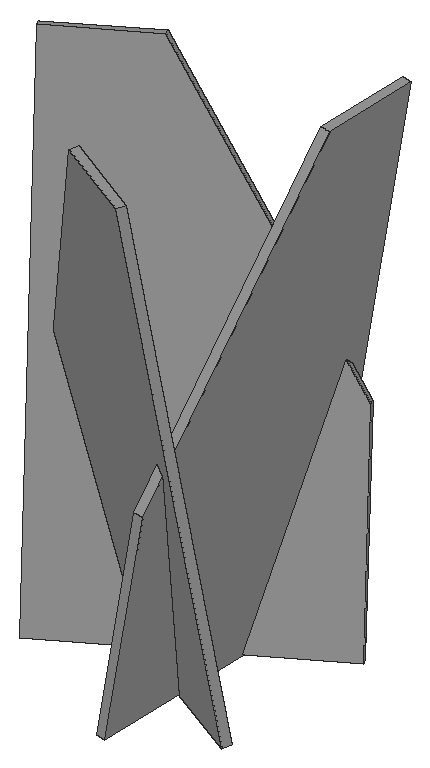
Revit family "blumetopf - zusammengesetzt", category Allgemeines Modell, Revit 2022
Family settings
  Kann Basisbauteil für Bewehrung sein = Nein
  Bemaßung runder Anschluss = Durchmesser verwenden
  Teiletyp = Normal
  Immer vertikal = Ja
  Beim Laden mit Abzugskörper schneiden = Nein
  Beschriftungsausrichtung beibehalten = Nein
  Gemeinsam genutzt = Nein
  Raumberechnungspunkt = Nein
Parameters
  distanza = 10 mm
  Vorgabe-Ansicht = 0 mm
  Abstand Achse = 150 mm
Reference planes
  plane 1: z = 0
  plane 2: y = 70.527
  plane 3: through (0, -351.534, 1200) normal (-0.866, -0.5, 0)
  plane 4: through (0, 492.588, 1200) normal (0.866, -0.5, 0)
  plane 5: through (-392.923, -4.093, 1200) normal (-0.5, 0.866, 0)
  plane 6: x = -233.677
  plane 7: through (-104.431, -21.413, 1200) normal (-0.5, -0.866, 0)
  plane 8: through (-397.923, 4.567, 1200) normal (-0.5, 0.866, 0)
Dimensions and locks
  "distanza": plane 5 to plane 3
  "distanza": plane 4 to plane 6
  "distanza": plane 7 to plane 4
  aligned and locked: level to plane 1
  aligned and locked: nested 1 to plane 5
  aligned and locked: nested 2 to plane 6
  aligned and locked: nested 3 to plane 7
  aligned and locked: plane 4 to nested 4
Nested families
  nested 1: "blumentopf - seite" at (-194.9, 146.042, 0) x (0.866, 0.5, 0) z (0, 0, 1), type "blumentopf - seite"
  nested 2: "blumentopf - seite" at (-202.668, -9.473, 0) x (0, -1, 0) z (0, 0, 1), type "blumentopf - seite"
  nested 3: "blumentopf - seite" at (-333.464, 75.012, 0) x (-0.866, 0.5, 0) z (0, 0, 1), type "blumentopf - seite"
  nested 4: "blumentopf - boden" at (-251.802, 85.322, 0) x (0.866, 0.5, 0) z (0, 0, 1), type "blumentopf - boden"
Definition of nested family "blumentopf - seite"
  Parameters (values of type "blumentopf - seite")
    Winkel Kante = 60.00°
    Winkel Drehung = 100.00°
    Default Elevation = 0 mm
    Höhe = 300 mm
    Dicke = 5 mm
    Abstand Schräge = 60 mm
    Breite = 160 mm
  Reference planes
    plane 1 "Mitte (Vorne/hinten)": y = 0
    plane 2: z = 0
    plane 3 "Mitte (Links/rechts)": x = 0
    plane 4 "Mitte L/S": z = 300
    plane 5: through (-155.863, -1200, 396.714) normal (0.866, 0, 0.5)
    plane 6: x = -160
    plane 7: y = -5
    plane 8: x = -80
  Forms (mm)
    Extrusion 1, solid
      sketch origin (0, -26.085, 1.845) x (1, 0, 0) y (0, 0.173648, 0.984808)
        loop
          line (-160, 0) -> (0, 0) -> (0, 126.751) -> (-100.026, 300) -> (-160, 300) -> (-160, 0)
      from 0 to 5
  Dimensions and locks
    "Breite": plane 3 "Mitte (Links/rechts)" to plane 6
    "Abstand Schräge": plane 5 to plane 6
    "Dicke": plane 7 to plane 1 "Mitte (Vorne/hinten)"
    "Höhe": Extrusion 1 to Extrusion 1
    "Dicke": Extrusion 1 to Extrusion 1
    equal spacing: plane 3 "Mitte (Links/rechts)", plane 8, plane 6
    "Winkel Kante": angle plane 5 to plane 2
    "Winkel Drehung": angle Extrusion 1 to plane 2
    aligned and locked: level to plane 2
  Automatic sketch dimensions
    Extrusion 1 sketch curve to plane 6 = 0 mm
    Extrusion 1 sketch curve to plane 3 "Mitte (Links/rechts)" = 0 mm
    Extrusion 1 sketch curve to Extrusion 1 sketch curve = 59.974 mm
    Extrusion 1 sketch curve to Extrusion 1 sketch curve = 126.751 mm
    Extrusion 1 sketch curve to Extrusion 1 sketch curve = 173.249 mm
Definition of nested family "blumentopf - boden"
  Parameters (values of type "blumentopf - boden")
    Default Elevation = 0 mm
    Dicke = 15 mm
  Reference planes
    plane 1 "Mitte (Vorne/hinten)": y = 0
    plane 2: z = 0
    plane 3 "Mitte (Links/rechts)": x = 0
    plane 4: y = -50
    plane 5: z = 15
    plane 6: through (0, -50, 1200) normal (-0.866, -0.5, 0)
    plane 7: through (0, -50, 1200) normal (-0.866, 0.5, 0)
    plane 8 "Mitte L/S": x = 0
    plane 9: through (28.868, 0, 1200) normal (0.5, -0.866, 0)
    plane 10: through (14.434, -25, 1200) normal (-0.5, -0.866, 0)
  Forms (mm)
    Extrusion 1, solid
      sketch origin (0, 0, 0) x (1, 0, 0) y (0, 1, 0)
        loop
          line (-28.868, 0) -> (0, -50) -> (28.868, 0) -> (-28.868, 0)
      from 0 to 15
  Dimensions and locks
    plane 4 to plane 1 "Mitte (Vorne/hinten)" = 50 mm
    "Dicke": plane 5 to plane 2
    angle plane 6 to plane 4 = 60.00°
    aligned and locked: level to plane 2
  Automatic sketch dimensions
    plane 1 "Mitte (Vorne/hinten)" to Extrusion 1 sketch curve = 0 mm
    plane 6 to Extrusion 1 sketch curve = 0 mm
    Extrusion 1 sketch curve to plane 3 "Mitte (Links/rechts)" = 0 mm
    plane 7 to Extrusion 1 sketch curve = 0 mm
    Extrusion 1 sketch curve to plane 4 = 0 mm
